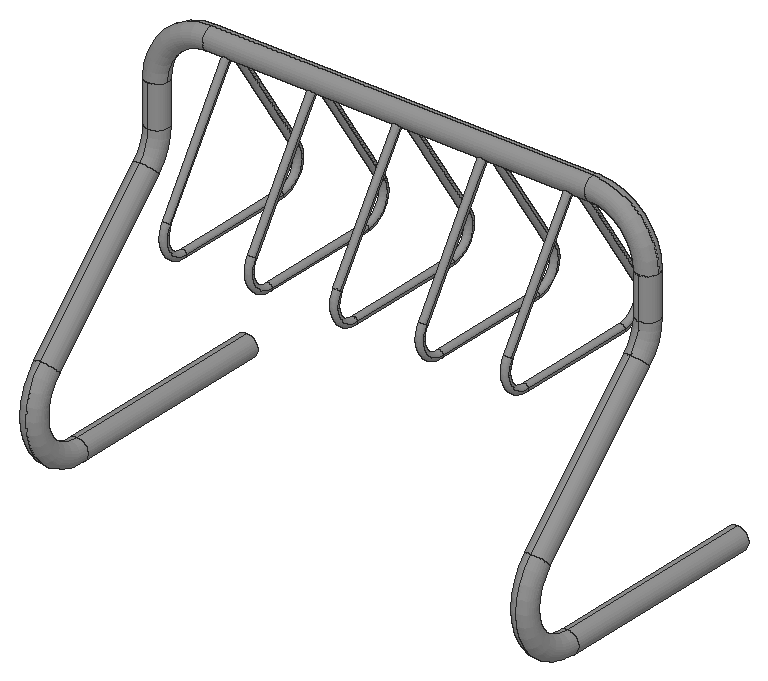
Revit family "11436 Велопарковка «Бумеранг» Хоббика", category Антураж, Revit 2018
Family settings
  На основе рабочей плоскости = Нет
  Всегда вертикально = Да
  При загрузке вырезать с полостями = Нет
  Источник визуального образа = Геометрия семейства
  Общий = Нет
  Точка расчета площади = Нет
Parameters (values of type "Версия 6 мест нержавеющая сталь")
  Ширина = 755 mm  # constant formula
  Цвет каркаса = Нержавеющая сталь
  Описание = if(Версия 6 мест сталь, "Велопарковка «Бумеранг». Версия 6 мест сталь", if(Версия 6 мест нержавеющая сталь, "Велопарковка «Бумеранг». Версия 6 мест нержавеющая сталь", if(Версия 9 мест сталь, "Велопарковка «Бумеранг». Версия 9 мест сталь", "Велопарковка «Бумеранг». Версия 9 мест нержавеющая сталь")))  # "Велопарковка «Бумеранг». Версия 6 мест нержавеющая сталь"
  Материал изделия = if(or(Версия 6 мест сталь, Версия 9 мест сталь), "Сталь", "Нержавеющая сталь")  # "Нержавеющая сталь"
  Изображение типоразмера = Велопарковка «Бумеранг» Арт 11436.jpeg
  Изготовитель = "ООО «Хоббика»"  # constant formula
  Длина = if(or(Версия 6 мест нержавеющая сталь, Версия 6 мест сталь), 1400 mm, 2060 mm)  # 1400 mm
  Группа модели = "Велопарковки"  # constant formula
  Высота = 1000 mm  # constant formula
  Версия 9 мест сталь = no
  Версия 9 мест нержавеющая сталь = no
  Версия 6 мест сталь = no
  Версия 6 мест нержавеющая сталь = yes
  Артикул товара = "Арт. 11436"  # constant formula
  URL = "https://hobbyka.ru/product/veloparkovka_bumerang/"
  9 мест = not([6 мест])  # no
  6 мест = not(or(Версия 9 мест нержавеющая сталь, Версия 9 мест сталь))  # yes
Types (5, lengths in mm): name | Цвет каркаса | Описание | Материал изделия | Длина | Версия 9 мест сталь | Версия 9 мест нержавеющая сталь | Версия 6 мест сталь | Версия 6 мест нержавеющая сталь | 9 мест | 6 мест
  (no name) | Нержавеющая сталь | "Велопарковка «Бумеранг». Версия 6 мест нержавеющая сталь" | "Нержавеющая сталь" | 1400 | no | no | no | yes | no | yes
  Версия 6 мест сталь | Сталь | "Велопарковка «Бумеранг». Версия 6 мест сталь" | "Сталь" | 1400 | no | no | yes | no | no | yes
  Версия 6 мест нержавеющая сталь | Нержавеющая сталь | "Велопарковка «Бумеранг». Версия 6 мест нержавеющая сталь" | "Нержавеющая сталь" | 1400 | no | no | no | yes | no | yes
  Версия 9 мест сталь | Сталь | "Велопарковка «Бумеранг». Версия 9 мест сталь" | "Сталь" | 2060 | yes | no | no | no | yes | no
  Версия 9 мест нержавеющая сталь | Нержавеющая сталь | "Велопарковка «Бумеранг». Версия 9 мест нержавеющая сталь" | "Нержавеющая сталь" | 2060 | no | yes | no | no | yes | no
Reference planes
  plane 1 "По центру (Вперед/Назад)": y = 0
  plane 2: z = 0
  plane 3 "По центру (Влево/Вправо)": x = 0
  plane 4: x = 1400
  plane 5: y = 755
  plane 6: z = 1000
Forms (mm)
  Sweep 1, solid, material "Нержавеющая сталь" <- "Цвет каркаса"
    path origin (0, 0, 0) x (1, 0, 0) y (0, 0, 1)
      loop
        arc (0, 820.927) -> (52.449, 947.551) -> (179.073, 1000) r 179.073
        line (179.073, 1000) -> (1220.927, 1000)
        arc (1220.927, 1000) -> (1347.551, 947.551) -> (1400, 820.927) r 179.073
    profile origin (700, 0, 1000) x (0, 0, 1) y (0, -1, 0)
      loop
        circle (-30, -448.967) r 30
Dimensions and locks
  "Длина": plane 3 "По центру (Влево/Вправо)" to plane 4
  "Ширина": plane 5 to plane 1 "По центру (Вперед/Назад)"
  "Высота": plane 6 to plane 2
  equal spacing: plane 3 "По центру (Влево/Вправо)", nested 1, nested 2, nested 3, nested 6, nested 7, nested 8, nested 9, nested 10, plane 4
  equal spacing: plane 3 "По центру (Влево/Вправо)", nested 11, nested 12, nested 13, nested 14, nested 15, plane 4
  aligned and locked: level to plane 2
  aligned and locked: plane 1 "По центру (Вперед/Назад)" to nested 1
  aligned and locked: plane 3 "По центру (Влево/Вправо)" to nested 4
  aligned and locked: plane 4 to nested 5
  aligned and locked: plane 1 "По центру (Вперед/Назад)" to nested 11
Automatic sketch dimensions
  Sweep 1 sketch curve to plane 3 "По центру (Влево/Вправо)" = 0 mm
  Sweep 1 sketch curve to plane 6 = 0 mm
  Sweep 1 sketch curve to plane 4 = 0 mm
  plane 3 "По центру (Влево/Вправо)" to Sweep 1 sketch curve = 179.073 mm
  Sweep 1 sketch curve to plane 4 = 179.073 mm
  Sweep 1 sketch curve to plane 1 "По центру (Вперед/Назад)" = 448.967 mm
  profile plane to Sweep 1 sketch curve = 30 mm
  radius of Sweep 1 sketch curve = 30 mm
Nested families
  nested 1: "Велопарковка «Бумеранг» подвес" at (155.556, 0, 0), visible <- "9 мест", type "Велопарковка «Бумеранг» подвес"
  nested 2: "Велопарковка «Бумеранг» подвес" at (311.111, 0, 0), visible <- "9 мест", type "Велопарковка «Бумеранг» подвес"
  nested 3: "Велопарковка «Бумеранг» подвес" at (466.667, 0, 0), visible <- "9 мест", type "Велопарковка «Бумеранг» подвес"
  nested 4: "Велопарковка «Бумеранг» опора" at (0, 0, 0), type "Велопарковка «Бумеранг» опора"
  nested 5: "Велопарковка «Бумеранг» опора" at (1400, 0, 0) x (-1, 0, 0) z (0, 0, 1), type "Велопарковка «Бумеранг» опора"
  nested 6: "Велопарковка «Бумеранг» подвес" at (622.222, 0, 0), visible <- "9 мест", type "Велопарковка «Бумеранг» подвес"
  nested 7: "Велопарковка «Бумеранг» подвес" at (777.778, 0, 0), visible <- "9 мест", type "Велопарковка «Бумеранг» подвес"
  nested 8: "Велопарковка «Бумеранг» подвес" at (933.333, 0, 0), visible <- "9 мест", type "Велопарковка «Бумеранг» подвес"
  nested 9: "Велопарковка «Бумеранг» подвес" at (1088.889, 0, 0), visible <- "9 мест", type "Велопарковка «Бумеранг» подвес"
  nested 10: "Велопарковка «Бумеранг» подвес" at (1244.444, 0, 0), visible <- "9 мест", type "Велопарковка «Бумеранг» подвес"
  nested 11: "Велопарковка «Бумеранг» подвес" at (233.333, 0, 0), visible <- "6 мест", type "Велопарковка «Бумеранг» подвес"
  nested 12: "Велопарковка «Бумеранг» подвес" at (466.667, 0, 0), visible <- "6 мест", type "Велопарковка «Бумеранг» подвес"
  nested 13: "Велопарковка «Бумеранг» подвес" at (700, 0, 0), visible <- "6 мест", type "Велопарковка «Бумеранг» подвес"
  nested 14: "Велопарковка «Бумеранг» подвес" at (933.333, 0, 0), visible <- "6 мест", type "Велопарковка «Бумеранг» подвес"
  nested 15: "Велопарковка «Бумеранг» подвес" at (1166.667, 0, 0), visible <- "6 мест", type "Велопарковка «Бумеранг» подвес"
Definition of nested family "Велопарковка «Бумеранг» подвес"
  Parameters (values of type "Велопарковка «Бумеранг» подвес")
    Цвет каркаса = none
    Height = 0 mm
  Reference planes
    plane 1 "По центру (Вперед/Назад)": y = 0
    plane 2: z = 0
    plane 3 "По центру (Влево/Вправо)": x = 0
    plane 4: y = 755
    plane 5: z = 1000
  Forms (mm)
    Sweep 1, solid, material <- "Цвет каркаса"
      path origin (0, 0, 0) x (0, 1, 0) y (0, 0, 1)
        loop
          line (658.284, 628.817) -> (447.269, 953.752) -> (236.254, 628.817)
          arc (236.254, 628.817) -> (234.046, 572.619) -> (282.381, 543.862) r 55
          line (282.381, 543.862) -> (612.157, 543.862)
          arc (612.157, 543.862) -> (660.492, 572.619) -> (658.284, 628.817) r 55
      profile origin (0, 447.269, 543.862) x (0, 0, 1) y (1, 0, 0)
        loop
          circle (-10, 0) r 10
  Dimensions and locks
    aligned and locked: level to plane 2
Definition of nested family "Велопарковка «Бумеранг» опора"
  Parameters (values of type "Велопарковка «Бумеранг» опора")
    Цвет каркаса = none
    Height = 0 mm
  Reference planes
    plane 1 "По центру (Вперед/Назад)": y = 0
    plane 2: z = 0
    plane 3 "По центру (Влево/Вправо)": x = 0
  Forms (mm)
    Sweep 1, solid, material <- "Цвет каркаса"
      path origin (0, 0, 0) x (0, 1, 0) y (0, 0, 1)
        loop
          line (755, 0) -> (175.153, 0)
          arc (175.153, 0) -> (13.474, 108.03) -> (51.409, 298.744) r 175
          line (51.409, 298.744) -> (389.678, 637.013)
          arc (389.678, 637.013) -> (411.355, 669.455) -> (418.967, 707.723) r 100
          line (418.967, 707.723) -> (418.967, 820.927)
      profile origin (0, 465.076, 0) x (0, 0, -1) y (1, 0, 0)
        loop
          circle (-30, 30) r 30
  Dimensions and locks
    aligned and locked: level to plane 2
